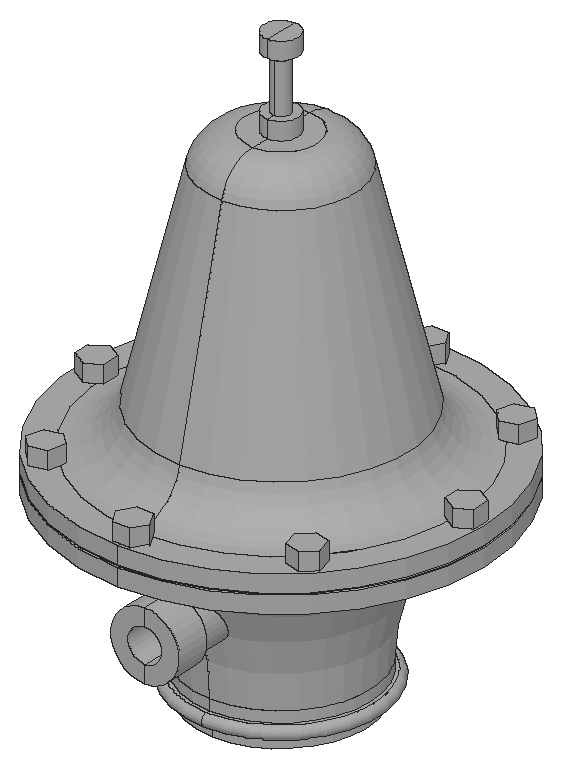
Revit family "Regulators-Process-WATTS-155SS_Series", category Pipe Accessories, Revit 2014
Parameters (values of type "152-SS 1/2"")
  Width = 6"  # constant formula
  Weight = "11 lbs. (4.99kg)"  # constant formula
  Warranty Information = "1 Year (Limited)"  # constant formula
  URL = "http://www.watts.com"
  Top To Center OF Connection C = 7"  # constant formula
  Region = "North America"  # constant formula
  Product Page URL = "https://www.watts.com/products/plumbing-flow-control-solutions/pressure-reducing-valves/steam-pressure-reducing-valves/152ss"
  Product Documentation Link = "https://www.watts.com/dfsmedia/0533dbba17714b1ab581ab07a4cbb521/20204-source"
  Price = "Prices may vary. Please consult Manufacturer Representative for most up-to-date price list."  # constant formula
  Model = "152-SS 1/2\""
  Max. Working Pressure = "For maximum supply pressure up to 300psi @ 420°F (21.1 bar @ 216°C)."
  Material = "Metal-WATTS-Stainless-Steel"  # constant formula
  Manufacturer Product Line = "Water Safety & Flow Control"  # constant formula
  Manufacturer = "WATTS"  # constant formula
  Description = "Series 152SS Process Regulators Sizes 1⁄2\", 3⁄4\" and 1\" (15, 20 and 25mm) This design offers highly sensitive response to reduced pressure changes and maintains fullest possible volume without appreciable reduced pressure drop. They are used successfully on applications such as oil lines, testing fixtures, autoclaves, steam tables, steam irons, single radiators, vulcanizers, sterilizers, and process lines. An exclusive, feature which has been added at no extra cost is a “sensitivity adjuster” which eliminates any vibrating condition which may arise from critical flow requirements."
  Creation Date = "1/25/2019"  # constant formula
  Country = "United States"  # constant formula
  Connection Type = "NPT Connection"  # constant formula
  Connection Size = 1/2"
  Connection Radius = Connection Size / 2  # 1/4"
  Connection Outlet Description = "1/2\" NPT Outlet Connection"
  Connection Inlet Description = "1/2\" NPT Inlet Connection"
  Center To Bottom D = 1 3/4"  # constant formula
  Assembly Code = "D2090900"
Types (7): name | Model | Max. Working Pressure | Connection Size | Connection Radius | Connection Outlet Description | Connection Inlet Description
  (no name) | "152-SS 1/2\"" | "For maximum supply pressure up to 300psi @ 420°F (21.1 bar @ 216°C)." | 1/2" | 1/4" | "1/2\" NPT Outlet Connection" | "1/2\" NPT Inlet Connection"
  152-SS 1/2" | "152-SS 1/2\"" | "For maximum supply pressure up to 300psi @ 420°F (21.1 bar @ 216°C)." | 1/2" | 1/4" | "1/2\" NPT Outlet Connection" | "1/2\" NPT Inlet Connection"
  152-SS 3/4" | "152-SS 3/4\"" | "For maximum supply pressure up to 300psi @ 420°F (21.1 bar @ 216°C)." | 3/4" | 3/8" | "3/4\" NPT Outlet Connection" | "3/4\" NPT Inlet Connection"
  152-SS 1" | "152-SS 1\"" | "For maximum supply pressure up to 300psi @ 420°F (21.1 bar @ 216°C)." | 1" | 1/2" | "1\" NPT Outlet Connection" | "1\" NPT Inlet Connection"
  152-SST 1" | "152-SST 1\"" | "Operating temperatures are 300°F at 300psi and 400°F at 200psi (149°C @ 21.1 bar and 204°C @ 14.1 bar)." | 1" | 1/2" | "1\" NPT Outlet Connection" | "1\" NPT Inlet Connection"
  152-SST 1/2" | "152-SST 1/2\"" | "Operating temperatures are 300°F at 300psi and 400°F at 200psi (149°C @ 21.1 bar and 204°C @ 14.1 bar)." | 1/2" | 1/4" | "1/2\" NPT Outlet Connection" | "1/2\" NPT Inlet Connection"
  152-SST 3/4" | "152-SST 3/4\"" | "Operating temperatures are 300°F at 300psi and 400°F at 200psi (149°C @ 21.1 bar and 204°C @ 14.1 bar)." | 3/4" | 3/8" | "3/4\" NPT Outlet Connection" | "3/4\" NPT Inlet Connection"
Reference planes (in)
  plane 1 "Center (Front/Back)": y = 0
  plane 2: z = 0
  plane 3 "Center (Left/Right)": x = 0
  plane 4: z = 7
  plane 5: z = -1.75
  plane 6: y = 3
  plane 7: y = -3
  plane 8: z = 1.78125
Forms (in)
  Revolve 1, solid, material "Metal-WATTS-Stainless-Steel"
    sketch origin (0, 0, 0) x (0, 1, 0) y (0, 0, 1)
      loop
        line (2.5, 0.25) -> (2.5, 0.5) -> (2, 0.5) -> (2, 0.4133) -> (-2, 0.4133) -> (-2, 0.5) -> (-2.5, 0.5) -> (-2.5, 0.25) -> (2.5, 0.25)
      axis (2.5, 0) -> (-2.5, 0)
    angle from 0 to 360
  Revolve 2, solid, material "Metal-WATTS-Stainless-Steel"
    sketch origin (0, 0, 0) x (0, 1, 0) y (0, 0, 1)
      loop
        line (1.25, -1.75) -> (1.25, -1.56003) -> (1.36309, -1.56003)
        arc (1.36309, -1.56003) -> (1.45317, -1.46995) -> (1.36309, -1.37988) r 0.09008
        line (1.36309, -1.37988) -> (1.30677, -1.37988) -> (1.30677, -1.2206)
        arc (1.30677, -1.2206) -> (1.58755, 0.01136) -> (2.37442, 1) r 2.84313
        line (2.37442, 1) -> (3, 1) -> (3, 1.25) -> (2.96875, 1.25) -> (2.96875, 1.28125) -> (3, 1.28125) -> (3, 1.53125) -> (2.58906, 1.53125)
        arc (2.58906, 1.53125) -> (2.12581, 1.69143) -> (1.86042, 2.10354) r 0.75
        line (1.86042, 2.10354) -> (1.09404, 5.24584)
        arc (1.09404, 5.24584) -> (0.88563, 5.56946) -> (0.52184, 5.69525) r 0.58897
        line (0.52184, 5.69525) -> (0.25, 5.69525) -> (0.25, 5.94525) -> (0.12387, 5.94525) -> (0.12387, 6.71207) -> (0.18694, 6.71207) -> (0.18694, 6.75) -> (0.25, 6.75) -> (0.25, 7) -> (0, 7) -> (0, -1.75) -> (1.25, -1.75)
      axis (0, -1.75) -> (0, 7)
    angle from 0 to 360
  Extrusion 3, solid, material "Metal-WATTS-Stainless-Steel"
    sketch origin (0, 0, 0) x (1, 0, 0) y (0, 1, 0)
      loop
        line (-2.71875, 0.25) -> (-2.93526, 0.125) -> (-2.93526, -0.125) -> (-2.71875, -0.25) -> (-2.50224, -0.125) -> (-2.50224, 0.125) -> (-2.71875, 0.25)
      loop
        line (2.71875, 0.25) -> (2.50224, 0.125) -> (2.50224, -0.125) -> (2.71875, -0.25) -> (2.93526, -0.125) -> (2.93526, 0.125) -> (2.71875, 0.25)
      loop
        line (0.25, 2.71875) -> (0.125, 2.93526) -> (-0.125, 2.93526) -> (-0.25, 2.71875) -> (-0.125, 2.50224) -> (0.125, 2.50224) -> (0.25, 2.71875)
      loop
        line (0.25, -2.71875) -> (0.125, -2.50224) -> (-0.125, -2.50224) -> (-0.25, -2.71875) -> (-0.125, -2.93526) -> (0.125, -2.93526) -> (0.25, -2.71875)
      loop
        line (-1.74567, 2.09922) -> (-1.98715, 2.16393) -> (-2.16393, 1.98715) -> (-2.09922, 1.74567) -> (-1.85774, 1.68097) -> (-1.68097, 1.85774) -> (-1.74567, 2.09922)
      loop
        line (2.09922, -1.74567) -> (1.85774, -1.68097) -> (1.68097, -1.85774) -> (1.74567, -2.09922) -> (1.98715, -2.16393) -> (2.16393, -1.98715) -> (2.09922, -1.74567)
      loop
        line (2.09922, 1.74567) -> (2.16393, 1.98715) -> (1.98715, 2.16393) -> (1.74567, 2.09922) -> (1.68097, 1.85774) -> (1.85774, 1.68097) -> (2.09922, 1.74567)
      loop
        line (-1.74567, -2.09922) -> (-1.68097, -1.85774) -> (-1.85774, -1.68097) -> (-2.09922, -1.74567) -> (-2.16393, -1.98715) -> (-1.98715, -2.16393) -> (-1.74567, -2.09922)
    from 1 to 1.78125
Lines and regions (in)
  Masking region 1, detail levels fine
    outline origin (0, 0, 0) x (1, 0, 0) y (0, 1, 0)
      loop
        circle (0, 0) r 3
  symbolic lines, detail levels fine
    curve 1: circle (0, 0, 0) r 0.25 normal (0, 0, 1)
    curve 2: circle (0, 0, 0) r 1.071 normal (0, 0, 1)
    curve 3: circle (0, 0, 0) r 1.89158 normal (0, 0, 1)
    curve 4: circle (0, 0, 0) r 2.35536 normal (0, 0, 1)
    curve 5: line (-2.71875, 0.25, 0) -> (-2.93526, 0.125, 0)
    curve 6: line (-2.93526, 0.125, 0) -> (-2.93526, -0.125, 0)
    curve 7: line (-2.93526, -0.125, 0) -> (-2.71875, -0.25, 0)
    curve 8: line (-2.71875, -0.25, 0) -> (-2.50224, -0.125, 0)
    curve 9: line (-2.50224, -0.125, 0) -> (-2.50224, 0.125, 0)
    curve 10: line (-2.50224, 0.125, 0) -> (-2.71875, 0.25, 0)
    curve 11: line (1.74567, -2.09922, 0) -> (1.98715, -2.16393, 0)
    curve 12: line (1.98715, -2.16393, 0) -> (2.16393, -1.98715, 0)
    curve 13: line (2.16393, -1.98715, 0) -> (2.09922, -1.74567, 0)
    curve 14: line (2.09922, -1.74567, 0) -> (1.85774, -1.68097, 0)
    curve 15: line (1.85774, -1.68097, 0) -> (1.68097, -1.85774, 0)
    curve 16: line (1.68097, -1.85774, 0) -> (1.74567, -2.09922, 0)
    curve 17: line (-0.25, -2.71875, 0) -> (-0.125, -2.93526, 0)
    curve 18: line (-0.125, -2.93526, 0) -> (0.125, -2.93526, 0)
    curve 19: line (0.125, -2.93526, 0) -> (0.25, -2.71875, 0)
    curve 20: line (0.25, -2.71875, 0) -> (0.125, -2.50224, 0)
    curve 21: line (0.125, -2.50224, 0) -> (-0.125, -2.50224, 0)
    curve 22: line (-0.125, -2.50224, 0) -> (-0.25, -2.71875, 0)
    curve 23: line (-2.09922, -1.74567, 0) -> (-2.16393, -1.98715, 0)
    curve 24: line (-2.16393, -1.98715, 0) -> (-1.98715, -2.16393, 0)
    curve 25: line (-1.98715, -2.16393, 0) -> (-1.74567, -2.09922, 0)
    curve 26: line (-1.74567, -2.09922, 0) -> (-1.68097, -1.85774, 0)
    curve 27: line (-1.68097, -1.85774, 0) -> (-1.85774, -1.68097, 0)
    curve 28: line (-1.85774, -1.68097, 0) -> (-2.09922, -1.74567, 0)
    curve 29: line (2.71875, -0.25, 0) -> (2.93526, -0.125, 0)
    curve 30: line (2.93526, -0.125, 0) -> (2.93526, 0.125, 0)
    curve 31: line (2.93526, 0.125, 0) -> (2.71875, 0.25, 0)
    curve 32: line (2.71875, 0.25, 0) -> (2.50224, 0.125, 0)
    curve 33: line (2.50224, 0.125, 0) -> (2.50224, -0.125, 0)
    curve 34: line (2.50224, -0.125, 0) -> (2.71875, -0.25, 0)
    curve 35: line (-1.74567, 2.09922, 0) -> (-1.98715, 2.16393, 0)
    curve 36: line (-1.98715, 2.16393, 0) -> (-2.16393, 1.98715, 0)
    curve 37: line (-2.16393, 1.98715, 0) -> (-2.09922, 1.74567, 0)
    curve 38: line (-2.09922, 1.74567, 0) -> (-1.85774, 1.68097, 0)
    curve 39: line (-1.85774, 1.68097, 0) -> (-1.68097, 1.85774, 0)
    curve 40: line (-1.68097, 1.85774, 0) -> (-1.74567, 2.09922, 0)
    curve 41: line (0.25, 2.71875, 0) -> (0.125, 2.93526, 0)
    curve 42: line (0.125, 2.93526, 0) -> (-0.125, 2.93526, 0)
    curve 43: line (-0.125, 2.93526, 0) -> (-0.25, 2.71875, 0)
    curve 44: line (-0.25, 2.71875, 0) -> (-0.125, 2.50224, 0)
    curve 45: line (-0.125, 2.50224, 0) -> (0.125, 2.50224, 0)
    curve 46: line (0.125, 2.50224, 0) -> (0.25, 2.71875, 0)
    curve 47: line (2.09922, 1.74567, 0) -> (2.16393, 1.98715, 0)
    curve 48: line (2.16393, 1.98715, 0) -> (1.98715, 2.16393, 0)
    curve 49: line (1.98715, 2.16393, 0) -> (1.74567, 2.09922, 0)
    curve 50: line (1.74567, 2.09922, 0) -> (1.68097, 1.85774, 0)
    curve 51: line (1.68097, 1.85774, 0) -> (1.85774, 1.68097, 0)
    curve 52: line (1.85774, 1.68097, 0) -> (2.09922, 1.74567, 0)
  model lines, style "PipeAccessory"
    curve 53: line (0, 2.5, 0) -> (0, -2.5, 0)
    curve 54: line (0, 0, 0) -> (-1.02974, 0, 0)
    curve 55: line (-1.02974, 0.25, 0) -> (-1.02974, -0.25, 0)
    curve 56: arc (-1.02974, 0.25, 0) -> (-1.27974, 0, 0) -> (-1.02974, -0.25, 0) r 0.25
    curve 57: line (0.25, 2.5, 0) -> (-0.25, 2.5, 0)
    curve 58: line (0.25, -2.5, 0) -> (-0.25, -2.5, 0)
Dimensions and locks (in)
  "Center To Bottom D": level to plane 5
  "Top To Center OF Connection C": plane 4 to level
  locked: plane 6 to plane 7 at 6
  equal spacing: plane 6, plane 1 "Center (Front/Back)", plane 7
  locked: plane 6 to Revolve 1 sketch curve at 0.5
  locked: Revolve 1 sketch curve to plane 7 at 0.5
  locked: Revolve 1 sketch curve to Revolve 1 sketch curve at 0.25
  locked: Revolve 1 sketch curve to Revolve 1 sketch curve at 0.5  (x2)
  locked: Revolve 1 sketch curve to Revolve 1 sketch curve at 0.1633
  "Connection Radius": Revolve 1 sketch curve to level
  Revolve 2 sketch curve to Revolve 2 sketch curve to Revolve 2 sketch curve to Revolve 2 sketch curve = 1/4", 1/32", 1/4"
  locked: Revolve 2 sketch curve to level at 1
  plane 6 to Revolve 2 sketch curve = 0.41094"
  Revolve 2 sketch curve to Revolve 2 sketch curve to Revolve 2 sketch curve = 0.18997" locked, 0.18015" locked
  Revolve 2 sketch curve to Revolve 2 sketch curve to Revolve 2 sketch curve to Revolve 2 sketch curve to Revolve 2 sketch curve = 1/4" locked, 0.76683" locked, 0.03793" locked, 1/4" locked
  aligned and locked: Revolve 1 sketch curve to level
  aligned and locked: plane 5 to Revolve 2 sketch curve
  aligned and locked: Revolve 2 sketch curve to plane 6
  aligned and locked: plane 6 to Revolve 2 sketch curve
  aligned and locked: plane 1 "Center (Front/Back)" to Revolve 2 sketch curve
  aligned and locked: plane 8 to Extrusion 3
  aligned and locked: Masking region 1 sketch curve to Revolve 2
  aligned and locked: curve 1 to Revolve 2
  aligned and locked: curve 5 to Extrusion 3
  aligned and locked: curve 6 to Extrusion 3
  aligned and locked: curve 7 to Extrusion 3
  aligned and locked: curve 8 to Extrusion 3
  aligned and locked: curve 9 to Extrusion 3
  aligned and locked: curve 10 to Extrusion 3
  aligned and locked: curve 53 to plane 3 "Center (Left/Right)"
  aligned and locked: curve 54 to plane 1 "Center (Front/Back)"
  aligned and locked: curve 53 to curve 54
  aligned and locked: curve 53 to Revolve 1  (x2)
  aligned and locked: curve 57 to Revolve 1
  aligned and locked: curve 58 to Revolve 1
Automatic sketch dimensions
  Extrusion 3 sketch curve to plane 1 "Center (Front/Back)" = 1/8"  (x4)
  Extrusion 3 sketch curve to plane 3 "Center (Left/Right)" = 2.93526"
  Extrusion 3 sketch curve to plane 1 "Center (Front/Back)" = 1/4"  (x2)
  Extrusion 3 sketch curve to Extrusion 3 sketch curve = 0.21651"  (x10)
  plane 1 "Center (Front/Back)" to Extrusion 3 sketch curve = 1/4"  (x2)
  plane 6 to Extrusion 3 sketch curve = 1.01285"  (x2)
  Extrusion 3 sketch curve to Extrusion 3 sketch curve = 0.55482"  (x2)
  Extrusion 3 sketch curve to plane 7 = 1.01285"  (x2)
  Extrusion 3 sketch curve to Extrusion 3 sketch curve = 0.0647"  (x7)
  Extrusion 3 sketch curve to plane 7 = 0.83607"  (x2)
  Extrusion 3 sketch curve to Extrusion 3 sketch curve = 0.17678"  (x12)
  plane 6 to Extrusion 3 sketch curve = 0.83607"  (x2)
  Extrusion 3 sketch curve to Extrusion 3 sketch curve = 0.24148"  (x15)
  Extrusion 3 sketch curve to plane 3 "Center (Left/Right)" = 1/4"  (x2)
  Extrusion 3 sketch curve to plane 3 "Center (Left/Right)" = 1/8"  (x4)
  plane 3 "Center (Left/Right)" to Extrusion 3 sketch curve = 1/8"  (x4)
  Extrusion 3 sketch curve to Extrusion 3 sketch curve = 1/8"  (x2)
  Extrusion 3 sketch curve to Extrusion 3 sketch curve = 1.43097"  (x2)
  plane 1 "Center (Front/Back)" to Extrusion 3 sketch curve = 1/8"  (x4)
  Extrusion 3 sketch curve to Extrusion 3 sketch curve = 0.40302"
  Extrusion 3 sketch curve to plane 7 = 0.49776"
  Extrusion 3 sketch curve to plane 7 = 0.06474"
  Extrusion 3 sketch curve to Extrusion 3 sketch curve = 0.30619"  (x2)
  plane 6 to Extrusion 3 sketch curve = 0.49776"
  plane 6 to Extrusion 3 sketch curve = 0.06474"
  curve 1 to curve 2 = 0"  (x2)
  curve 1 to curve 3 = 0"  (x2)
  curve 1 to curve 4 = 0"  (x2)
  plane 1 "Center (Front/Back)" to curve 56 = 0"
  curve 23 to plane 7 = 1.01285"
  curve 7 to curve 23 = 0.55482"
  plane 6 to curve 36 = 1.01285"
  curve 5 to curve 36 = 0.55482"
  curve 23 to curve 28 = 0.0647"
  curve 36 to curve 37 = 0.0647"
  curve 24 to plane 7 = 0.83607"
  curve 23 to curve 24 = 0.17678"
  plane 6 to curve 35 = 0.83607"
  curve 36 to curve 35 = 0.17678"
  curve 23 to curve 28 = 0.24148"
  curve 37 to curve 38 = 0.24148"
  curve 35 to curve 35 = 0.24148"
  curve 24 to curve 25 = 0.24148"
  curve 27 to curve 26 = 0.17678"
  curve 35 to curve 39 = 0.0647"
  curve 56 to curve 1 = 1.02974"
  curve 17 to plane 3 "Center (Left/Right)" = 1/4"
  curve 43 to plane 3 "Center (Left/Right)" = 1/4"
  curve 21 to plane 3 "Center (Left/Right)" = 1/8"
  curve 42 to plane 3 "Center (Left/Right)" = 1/8"
  curve 18 to plane 3 "Center (Left/Right)" = 1/8"
  curve 44 to plane 3 "Center (Left/Right)" = 1/8"
  plane 3 "Center (Left/Right)" to curve 46 = 1/8"
  plane 3 "Center (Left/Right)" to curve 18 = 1/8"
  plane 3 "Center (Left/Right)" to curve 42 = 1/8"
  plane 3 "Center (Left/Right)" to curve 20 = 1/8"
  plane 3 "Center (Left/Right)" to curve 41 = 1/4"
  curve 20 to curve 20 = 1/8"
  curve 19 to curve 16 = 1.43097"
  curve 41 to curve 51 = 1.43097"
  curve 50 to curve 50 = 0.0647"
  curve 15 to curve 16 = 0.0647"
  curve 50 to curve 51 = 0.17678"
  curve 15 to curve 14 = 0.17678"
  curve 11 to plane 7 = 0.83607"
  curve 11 to curve 11 = 0.24148"
  plane 6 to curve 48 = 0.83607"
  curve 49 to curve 48 = 0.24148"
  curve 51 to curve 52 = 0.24148"
  curve 14 to curve 14 = 0.24148"
  curve 13 to plane 7 = 1.01285"
  curve 13 to curve 13 = 0.0647"
  plane 6 to curve 47 = 1.01285"
  curve 48 to curve 47 = 0.17678"
  plane 1 "Center (Front/Back)" to curve 33 = 1/8"
  curve 13 to curve 33 = 0.40302"
  plane 1 "Center (Front/Back)" to curve 34 = 1/4"
  curve 33 to curve 34 = 0.21651"
  curve 31 to plane 1 "Center (Front/Back)" = 1/4"
  curve 32 to curve 31 = 0.21651"
  curve 29 to curve 30 = 0.21651"
  curve 17 to curve 21 = 0.21651"
  curve 20 to curve 20 = 0.21651"
  curve 18 to plane 7 = 0.06474"
  curve 24 to curve 25 = 0.0647"
  curve 11 to curve 16 = 0.0647"
  curve 11 to curve 16 = 0.24148"
  curve 25 to curve 27 = 0.24148"
  curve 23 to curve 23 = 0.24148"
  curve 12 to curve 13 = 0.24148"
  curve 15 to curve 15 = 0.17678"
  curve 26 to curve 27 = 0.17678"
  plane 1 "Center (Front/Back)" to curve 55 = 1/4"
  plane 1 "Center (Front/Back)" to curve 29 = 1/8"
  curve 33 to plane 1 "Center (Front/Back)" = 1/8"
  curve 30 to plane 1 "Center (Front/Back)" = 1/8"
  curve 39 to curve 36 = 0.30619"
  curve 52 to curve 47 = 0.30619"
  curve 37 to curve 36 = 0.24148"
  curve 51 to curve 47 = 0.0647"
  curve 38 to curve 39 = 0.17678"
  curve 51 to curve 51 = 0.17678"
  curve 39 to curve 35 = 0.24148"
  curve 50 to curve 48 = 0.0647"
  curve 45 to curve 46 = 0.21651"
  curve 44 to curve 43 = 0.21651"
  plane 6 to curve 42 = 0.06474"
  curve 57 to curve 43 = 0"
  curve 58 to curve 17 = 0"
  curve 57 to curve 41 = 0"
  curve 58 to curve 19 = 0"
  curve 17 to curve 58 = 7/32"
  curve 57 to curve 43 = 7/32"
  Revolve 2 sketch curve to plane 1 "Center (Front/Back)" = 0"
  Revolve 2 sketch curve to plane 4 = 0"
  Revolve 2 sketch curve to plane 1 "Center (Front/Back)" = 0.12387"
  Revolve 2 sketch curve to Revolve 2 sketch curve = 0.06306"
  Revolve 2 sketch curve to plane 1 "Center (Front/Back)" = 1/4"  (x2)
  Revolve 2 sketch curve to plane 1 "Center (Front/Back)" = 0.52184"
  Revolve 2 sketch curve to Revolve 2 sketch curve = 0.57219"
  Revolve 2 sketch curve to plane 1 "Center (Front/Back)" = 1 1/4"
  Revolve 2 sketch curve to Revolve 2 sketch curve = 0.05677"
  Revolve 2 sketch curve to Revolve 2 sketch curve = 0.05632"
  plane 8 to Revolve 2 sketch curve = 0.32229"
  Revolve 2 sketch curve to Revolve 2 sketch curve = 0.72864"
  Revolve 2 sketch curve to Revolve 2 sketch curve = 0.21464"
  Revolve 2 sketch curve to Revolve 2 sketch curve = 1/32"
  plane 5 to Revolve 2 sketch curve = 0.5294"
  Revolve 2 sketch curve to Revolve 2 sketch curve = 0.58897"
  plane 4 to Revolve 2 sketch curve = 1 1/4"
  Revolve 2 sketch curve to Revolve 2 sketch curve = 1"
  Revolve 1 sketch curve to Revolve 1 sketch curve = 0.0867"
  plane 7 to Revolve 1 sketch curve = 1/2"
  Revolve 1 sketch curve to Revolve 1 sketch curve = 1"
  radius of curve 2 = 1.071"
  radius of curve 3 = 1.89158"
  radius of curve 4 = 2.35536"
Connectors (in)
  piping at (0, -2.5, 0), diameter 0.5, driven by "Connection Radius", driven by "Connection Inlet Description"
    settings: on Revolve 1, index 1, connector inside diameter 24", connector length 0", flow factor 0, pipe flow 0 GPM, pressure drop 0.00 psi, fitting loss kfactor 0, connector angle 0.00°, fixture units 0, engagement length 0", angle of deflection 0.00°, flow configuration 0, flow direction 1, fitting loss method 0, system type 7, joint type 0, gender type 0, connector reference index 2, connector utility 0, adjustable connector no, is connector primary yes, connector description "1/2\" NPT Inlet Connection"
  piping at (0, 2.5, 0), diameter 0.5, driven by "Connection Radius", driven by "Connection Outlet Description"
    settings: on Revolve 1, index 2, connector inside diameter 24", connector length 0", flow factor 0, pipe flow 0 GPM, pressure drop 0.00 psi, fitting loss kfactor 0, connector angle 0.00°, fixture units 0, engagement length 0", angle of deflection 0.00°, flow configuration 0, flow direction 2, fitting loss method 0, system type 7, joint type 0, gender type 0, connector reference index 1, connector utility 0, adjustable connector no, is connector primary no, connector description "1/2\" NPT Outlet Connection"
